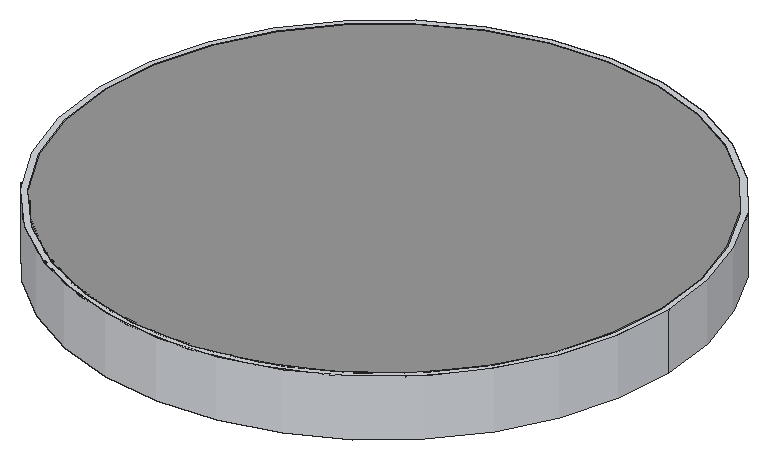
Revit family "2071184", category Lighting Fixtures, host Face, Revit 2018
Family settings
  Host = Face
  Round Connector Dimension = Use Diameter
  Part Type = Normal
  OmniClass Number = 23.80.70.00
  OmniClass Title = Lighting
  Cut with Voids When Loaded = No
  Light Source = Yes
  Shared = No
  Room Calculation Point = No
Parameters (values of type "2071184 COLOSSAL 600 840 PR DIR WHT SSC")
  iner diameter = 588 mm
  Weight = "n/a"
  Wattage Comments = ""
  Wattage = 30 W
  WarrantyStartDate [instance] = "n/a"
  WarrantyGuarantorParts = "n/a"
  WarrantyDurationUnit = "n/a"
  WarrantyDurationParts = ""
  WarrantyDescription = "http://www.sylvania-lighting.com"
  built-in parameter 1150110 = 1 (stored number, unit not read)
  Voltage = 230 V
  URL = "0.99"
  TypeName = "COLOSSAL 600mm 840 PRISM DIR WHITE SSC"
  Type Image = <None>
  Type Comments = "n/a"
  built-in parameter 1114217 = 1 (stored number, unit not read)
  Tilt Angle = -90.00°
  built-in parameter 1150109 = 1 (stored number, unit not read)
  built-in parameter 1150134 = (empty or 0)
  built-in parameter 1150113 = 1 (stored number, unit not read)
  SerialNumber [instance] = "n/a"
  Photometric Web File = "2071184.ies"
  Material_3_SYL = LED-Sylvania
  PowerFactor = 0
  PowerConsumption = "Lighting"
  NominalLength = 600 mm
  NominalHeight = 93 mm
  NominalDepth = 600 mm
  Name = "COLOSSAL 600mm 840 PRISM DIR WHITE SSC"
  ModelReference = Name  # "COLOSSAL 600mm 840 PRISM DIR WHITE SSC"
  ModelNumber = "2071184"
  Model = Name  # "COLOSSAL 600mm 840 PRISM DIR WHITE SSC"
  Material = "Feilo Sylvania"
  ManufacturerName = "128 lm/W"
  Manufacturer = ""
  LuminousEfficacy = ""
  built-in parameter 1150105 = 270.44 (stored number, unit not read)
  Lumens = 3398.4 lm
  LuminaireType = "0"
  built-in parameter 1150115 = 1 (stored number, unit not read)
  LightOutputRatio = "LED"
  built-in parameter 1150137 = (empty or 0)
  built-in parameter 1150139 = (empty or 0)
  LampsType = Lamp  # "n/a"
  LampNominalLuminous = "4000 K"
  LampMacAdamStep = "80"
  LampColourTemperature = "LED"
  LampColourRenderingIndex = "16500"
  built-in parameter 1150112 = 1 (stored number, unit not read)
  built-in parameter 1150114 = 1 (stored number, unit not read)
  Lamp = "n/a"
  Keynote = "n/a"
  InstallationDate [instance] = "n/a"
  InputVoltage = "0"
  InputNominalFrequency = "4000"
  built-in parameter 1150132 = (empty or 0)
  built-in parameter 1150102 = (empty or 0)
  built-in parameter 1150107 = 3000 (stored number, unit not read)
  built-in parameter 1150138 = (empty or 0)
  IngressProtection = "IfcLightFixtureType"
  ImpactProtectionIndex = "IfcLightFixtureType"
  built-in parameter 1150106 = 2.7044 (stored number, unit not read)
  IfcExportType = "IfcLightFixtureType"
  IfcExportAs = "Class I"
  Emit from Circle Diameter = 385 mm
  Emit Shape Visible in Rendering = no
  ElectricShockClassification = "128"
  built-in parameter 1150104 = 10.524 (stored number, unit not read)
  DocumentationLiterature = "http://www.sylvania-lighting.com/product/en-int/products/2071184"
  DimmingControlOptions = "n/a"
  Material_2_SYL = Polycarbonate_Sylvania_White
  Dimming Lamp Color Temperature Shift = <None>
  Description = "600mm diameter circular architectural luminaire, can be surface mounted or suspended. Powder coated aluminium housing (RAL9016) with PMMA prismatic diffuser. Direct light distribution, 3995lm luminuous flux, 31.3W system power, 128lm/W luminiaire efficacy. Sylsmart Standalone enabled. Colour rendering index Ra >80, 4000K Neutral White LED, chromaticity tolerance of 3-step MacAdam ellipse. IP40, IK03. 350mA drive current. UGR≤19. Electrical protection Class1, 220-240V. Reported lifetime 66k hours L90B10."
  Default Elevation = 1219.2 mm
  CreatedOn = "23/03/2022"
  CreatedBy = "@sylvania-lighting.com"
  Cost = 0
  Color Filter = 16777215
  built-in parameter 1114216 [instance] = (empty or 0)
  ClassificationValue = "EF_70_80"
  ClassificationName = "Uniclass2015"
  Material_1_SYL = Polycarbonate_Sylvania_Opal
  BarCode [instance] = "n/a"
  built-in parameter 1114218 = 1 (stored number, unit not read)
  built-in parameter 1150133 = 10 (stored number, unit not read)
  AssetType = "Fixed"
  AssetIdentifier [instance] = "n/a"
  Assembly Code = "D5020200"
  Apparent Load = 31.3 VA
  Material_4_SYL = none
Reference planes
  plane 1 "Center (Front/Back)": y = 0
  plane 2: z = 0
  plane 3 "Center (Left/Right)": x = 0
  plane 4: x = -300
  plane 5: x = 300
  plane 6: y = 300
  plane 7: y = -300
  plane 8: y = 212
  plane 9: y = -212
  plane 10: z = 93
  plane 11: y = 294
  plane 12: y = -294
  plane 13: through (0, 0, 1219.2) normal (0.5, -0.866, 0)
  plane 14: through (-134.29, 20.617, 1219.2) normal (0.5, -0.866, 0)
  plane 15: through (-144.685, -181.683, 1219.2) normal (-0.5, 0.866, 0)
  plane 16: through (0, 0, 1219.2) normal (0.5, 0.866, 0)
  plane 17: through (178.555, -4.939, 1219.2) normal (0.5, 0.866, 0)
  plane 18: through (87.581, -148.715, 1219.2) normal (0.5, 0.866, 0)
  plane 19: y = 272
  plane 20: through (105.168, 227.067, 1219.2) normal (0.866, 0.5, 0)
  plane 21: through (-104.171, 225.672, 1219.2) normal (0.8572, -0.515, 0)
  plane 22: y = -204.612
  plane 23: through (-296.643, -30.2, 1219.2) normal (0.866, 0.5, 0)
  plane 24: through (153.092, -278.837, 1219.2) normal (-0.866, 0.5, 0)
Forms (mm)
  Extrusion 1, solid, detail levels medium+fine
    sketch origin (0, 0, 0) x (1, 0, 0) y (0, 1, 0)
      loop
        circle (0, 0) r 300
    from 33.023 to 93
  Extrusion 2, void
    sketch origin (0, 0, 0) x (1, 0, 0) y (0, 1, 0)
      loop
        circle (0, 0) r 294
    from 93 to 37.292
  Extrusion 3, solid, material "Glass, White, High Luminance", detail levels fine
    sketch origin (0, 0, 0) x (1, 0, 0) y (0, 1, 0)
      loop
        circle (0, 0) r 294
    from 88.026 to 93
  Extrusion 4, solid, detail levels coarse
    sketch origin (0, 0, 0) x (1, 0, 0) y (0, 1, 0)
      loop
        line (-300, 300) -> (-300, -300) -> (300, -300) -> (300, 300) -> (-300, 300)
    from 0 to 93
  Blend 5, solid, detail levels medium+fine
    base sketch origin (0, 0, 0) x (1, 0, 0) y (0, 1, 0)
      loop
        line (-76.334, 272) -> (-277.665, -63.07) -> (-195.946, -204.612) -> (195.946, -204.612) -> (275.172, -67.388) -> (79.226, 272) -> (-76.334, 272)
    top sketch origin (0, 0, 0) x (1, 0, 0) y (0, 1, 0)
      loop
        line (-226.097, -32.388) -> (-141.097, -179.612) -> (141.097, -179.612) -> (226.097, -32.388) -> (85, 212) -> (-85, 212) -> (-226.097, -32.388)
    from 33.023 to 0
Cuts and joins
  Extrusion 2 cuts Extrusion 1
Lines and regions (mm)
  model lines
    curve 1: line (-85, 212, 0) -> (0, 212, 0)
    curve 2: line (0, 212, 0) -> (85, 212, 0)
Dimensions and locks
  "NominalDepth": plane 6 to plane 7
  "NominalLength": plane 4 to plane 5
  equal spacing: plane 4, plane 3 "Center (Left/Right)", plane 5
  "iner diameter": plane 11 to plane 12
  equal spacing: plane 11, plane 1 "Center (Front/Back)", plane 12
  equal spacing: plane 6, plane 1 "Center (Front/Back)", plane 7
  "NominalHeight": plane 10 to level
  radius of Extrusion 2 sketch curve = 294 mm
  aligned and locked: plane 2 to host face
  aligned and locked: level to host face
Automatic sketch dimensions
  host sketch curve to host sketch curve = 2438.4 mm  (x2)
  plane 1 "Center (Front/Back)" to Extrusion 1 sketch curve = 0 mm
  Extrusion 1 sketch curve to plane 3 "Center (Left/Right)" = 0 mm
  plane 1 "Center (Front/Back)" to Extrusion 2 sketch curve = 0 mm
  Extrusion 2 sketch curve to plane 3 "Center (Left/Right)" = 0 mm
  plane 1 "Center (Front/Back)" to Extrusion 3 sketch curve = 0 mm
  Extrusion 3 sketch curve to plane 3 "Center (Left/Right)" = 0 mm
  Extrusion 4 sketch curve to plane 4 = 0 mm
  Extrusion 4 sketch curve to plane 5 = 0 mm
  Extrusion 4 sketch curve to plane 7 = 0 mm
  Extrusion 4 sketch curve to plane 6 = 0 mm
  Blend 5 sketch curve to plane 8 = 0 mm
  Blend 5 sketch curve to plane 3 "Center (Left/Right)" = 85 mm
  plane 3 "Center (Left/Right)" to Blend 5 sketch curve = 85 mm
  plane 9 to Blend 5 sketch curve = 32.388 mm
  plane 3 "Center (Left/Right)" to Blend 5 sketch curve = 141.097 mm
  plane 1 "Center (Front/Back)" to Blend 5 sketch curve = 32.388 mm  (x2)
  Blend 5 sketch curve to plane 5 = 73.903 mm
  Blend 5 sketch curve to plane 3 "Center (Left/Right)" = 141.097 mm
  plane 4 to Blend 5 sketch curve = 73.903 mm
  curve 1 to plane 8 = 0 mm
  curve 2 to plane 3 "Center (Left/Right)" = 0 mm
  curve 1 to plane 3 "Center (Left/Right)" = 85 mm
  curve 1 to curve 2 = 85 mm
  Blend 5 sketch curve to plane 21 = 0 mm
  Blend 5 sketch curve to plane 23 = 0 mm  (x2)
  Blend 5 sketch curve to plane 22 = 0 mm
  Blend 5 sketch curve to plane 19 = 0 mm
  plane 21 to Blend 5 sketch curve = 0 mm
  Blend 5 sketch curve to plane 20 = 0 mm  (x2)
  Blend 5 sketch curve to plane 24 = 0 mm  (x2)
  radius of Extrusion 1 sketch curve = 300 mm
  radius of Extrusion 3 sketch curve = 294 mm
Connectors
  electrical at (0, 0, 0), driven by "Apparent Load", driven by "PowerFactor", driven by "Voltage"
    settings: index 1, voltage 230 V, apparent load 31.3 VA, apparent load phase1 0 VA, apparent load phase2 0 VA, apparent load phase3 0 VA, power factor 0, load classification "Lighting", number of poles 1, system type 30, power factor state 1, is connector primary yes, connector utility no, sub classification motor no, connector description ""
